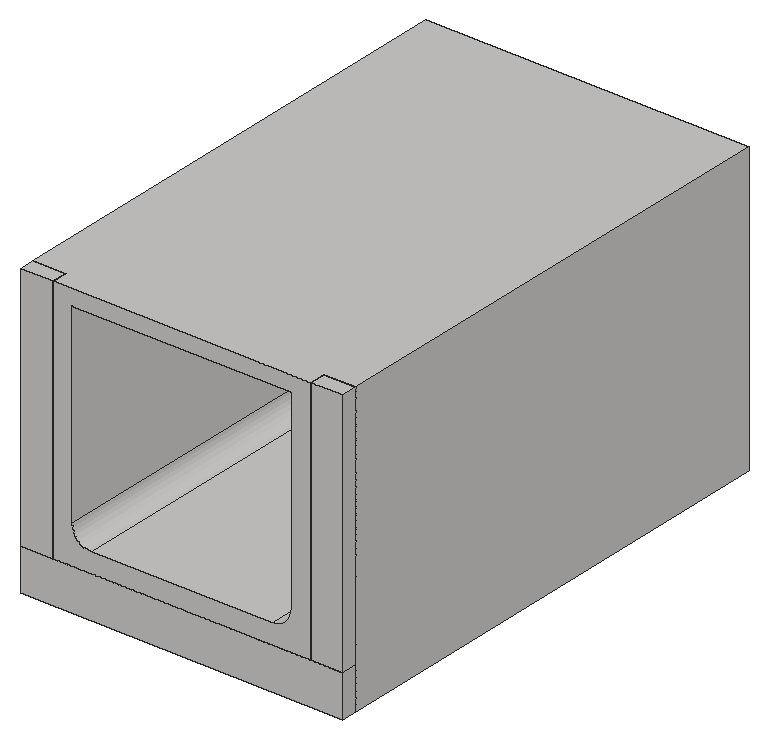
Revit family "QF_ELECTROLUXPROFESSIONAL_588577_MB1BCAEOOO", category Attrezzature speciali, Revit 2020
Family settings
  Quota connettore circolare = Usa diametro
  Tipo di parte = Normale
  Basato su piano di lavoro = No
  Sempre verticale = Sì
  Taglio con vuoti quando caricato = No
  Condiviso = No
  Punto di calcolo locali = No
Parameters (values of type "Standard")
  Weight = 18.00 kg
  Watts = 0 W
  Volts = 0 V
  URL Manufacturer = "https://www.electroluxprofessional.com/"
  URL = "https://www.electroluxprofessional.com/"
  Steam Supply Size = 0"
  Steam Supply Minimum Pressure = 0.00 psi
  Steam Supply Maximum Pressure = 0.00 psi
  Steam Consumption per Hour = 0
  Refrigeration Suction Line Size = 0 mm
  Refrigeration Liquid Line Size = 0 mm
  Refrigerant Compressor Remote = yes
  Prospetto di default = 0 mm
  Phase = 0
  Modello = "MB1BCAEOOO"
  Produttore = "Electrolux Professional"
  Length Actual = 500 mm  # constant formula
  Item Number = "588577"
  Hot Water Size = 0"
  Height Actual = 450 mm  # constant formula
  HP = "0 HP"
  Gas Size = 0"
  Gas KW = 0
  Gas Input Pressure = 0.0 Btu/h
  Direct Waste Size = 0"
  Descrizione = "OPEN BASE,GN,1-SIDE,H2-500X850X450H"
  Depth Actual = 850 mm  # constant formula
  Cycle = 0 Hz
  Condensate Return Size = 0"
  Compressed Air Volume = 0 GPM
  Compressed Air Size = 0"
  Compressed Air Pressure = 0.00 psi
  Cold Water Size = 0"
  Accessory = yes
Reference planes
  plane 1 "BACK": y = 0
  plane 2: z = 0
  plane 3 "LEFT": x = 0
  plane 4 "RIGHT": x = 500
  plane 5 "FRONT": y = -850
  plane 6 "PLAIN": z = 900
  plane 7 "Center (Left/Right)": x = 250
  plane 8 "Center (Front/Back)": y = -425
  plane 9 "TOP": z = 650
  plane 10 "BASE": z = 200
  plane 11: x = 422
  plane 12: x = 78
  plane 13 "Feet_back": y = -150
  plane 14 "Feet_Front": y = -720
  plane 15: x = 50
  plane 16: x = 450
  plane 17: z = 265
  plane 18: y = -45
  plane 19: y = -805
  plane 20: y = -70
  plane 21: y = -830
  plane 22 "ButtonZ": z = 590
Forms (mm)
  Extrusion 1, solid, material "QF_Finishes_Stainless Steel"
    sketch origin (0, 0, 650) x (0, 1, 0) y (0, 0, 1)
      loop
        line (-45, -450) -> (-45, 0) -> (-805, 0) -> (-805, -450) -> (-45, -450)
    from 0 to 500
  Extrusion 2, solid, material "QF_Finishes_Stainless Steel"
    sketch origin (0, 0, 650) x (0, 1, 0) y (0, 0, 1)
      loop
        line (-830, -450) -> (-805, -450) -> (-805, -385) -> (-830, -385) -> (-830, -450)
    from 0 to 500
  Extrusion 3, void
    sketch origin (0, -850, 0) x (1, 0, 0) y (0, 0, 1)
      loop
        line (50, 650) -> (50, 265) -> (450, 265) -> (450, 650) -> (50, 650)
    from 0 to -780
  Extrusion 4, solid, material "QF_Finishes_Stainless Steel"
    sketch origin (0, -850, 0) x (1, 0, 0) y (0, 0, 1)
      loop
        line (80, 650) -> (80, 627) -> (420, 627) -> (420, 650) -> (80, 650)
    from -20 to -805
  Extrusion 5, solid, material "QF_Finishes_Stainless Steel"
    sketch origin (0, -850, 0) x (1, 0, 0) y (0, 0, 1)
      loop
        line (50, 650) -> (50, 265) -> (450, 265) -> (450, 650) -> (420, 650) -> (420, 325)
        arc (420, 325) -> (411.213, 303.787) -> (390, 295) r 30
        line (390, 295) -> (110, 295)
        arc (110, 295) -> (88.787, 303.787) -> (80, 325) r 30
        line (80, 325) -> (80, 650) -> (50, 650)
    from -20 to -780
  Extrusion 6, solid, material "QF_Finishes_Stainless Steel"
    sketch origin (0, -850, 0) x (1, 0, 0) y (0, 0, 1)
      loop
        line (0, 650) -> (0, 265) -> (50, 265) -> (50, 650) -> (0, 650)
    from -20 to -45
  Extrusion 7, solid, material "QF_Finishes_Stainless Steel"
    sketch origin (0, -850, 0) x (1, 0, 0) y (0, 0, 1)
      loop
        line (450, 650) -> (450, 265) -> (500, 265) -> (500, 650) -> (450, 650)
    from -20 to -45
Cuts and joins
  Extrusion 3 cuts Extrusion 1
  joined: Extrusion 1, Extrusion 4, Extrusion 5
Lines and regions (mm)
  symbolic lines, style "SpecialityEquipmentHiddenLines"
    curve 1: line (0, 0, 0) -> (500, 0, 0)
    curve 2: line (0, -850, 0) -> (0, 0, 0)
    curve 3: line (500, -850, 0) -> (0, -850, 0)
    curve 4: line (500, 0, 0) -> (500, -850, 0)
Dimensions and locks
  plane 3 "LEFT" to plane 4 "RIGHT" = 500 mm
  plane 5 "FRONT" to plane 1 "BACK" = 850 mm
  equal spacing: plane 3 "LEFT", plane 7 "Center (Left/Right)", plane 4 "RIGHT"
  equal spacing: plane 5 "FRONT", plane 8 "Center (Front/Back)", plane 1 "BACK"
  plane 6 "PLAIN" to plane 9 "TOP" = 250 mm
  plane 10 "BASE" to level = 200 mm
  plane 9 "TOP" to plane 10 "BASE" = 450 mm
  locked: plane 1 "BACK" to plane 13 "Feet_back" at 150
  locked: plane 14 "Feet_Front" to plane 5 "FRONT" at 130
  locked: plane 12 to plane 3 "LEFT" at 78
  locked: plane 11 to plane 4 "RIGHT" at 78
  plane 16 to plane 15 = 400 mm
  equal spacing: plane 16, plane 7 "Center (Left/Right)", plane 15
  locked: plane 17 to plane 10 "BASE" at 65
  locked: plane 1 "BACK" to plane 18 at 45
  plane 9 "TOP" to Extrusion 4 sketch curve = 23 mm
  locked: Extrusion 4 sketch curve to plane 15 at 30
  locked: plane 16 to Extrusion 4 sketch curve at 30
  locked: Extrusion 5 sketch curve to plane 17 at 30
  plane 6 "PLAIN" to level = 900 mm
  Extrusion 5 to Extrusion 5 = 340 mm
  locked: plane 18 to plane 20 at 25
  locked: plane 21 to plane 5 "FRONT" at 20
  locked: plane 19 to plane 21 at 25
  plane 18 to plane 21 = 785 mm
  plane 22 "ButtonZ" to level = 590 mm
  aligned and locked: level to plane 2
  aligned and locked: Extrusion 1 to plane 4 "RIGHT"
  aligned and locked: Extrusion 1 to plane 3 "LEFT"
  aligned and locked: Extrusion 2 to plane 4 "RIGHT"
  aligned and locked: plane 9 "TOP" to Extrusion 3 sketch curve
  aligned and locked: Extrusion 3 sketch curve to plane 15
  aligned and locked: plane 16 to Extrusion 3 sketch curve
  aligned and locked: Extrusion 2 to plane 10 "BASE"
  aligned and locked: Extrusion 2 to plane 17
  aligned and locked: plane 17 to Extrusion 3 sketch curve
  aligned and locked: Extrusion 4 to plane 18
  aligned and locked: Extrusion 5 sketch curve to plane 15
  aligned and locked: plane 16 to Extrusion 5 sketch curve
  aligned and locked: plane 9 "TOP" to Extrusion 5 sketch curve  (x2)
  aligned and locked: plane 17 to Extrusion 5 sketch curve
  aligned and locked: Extrusion 5 sketch curve to Extrusion 4  (x2)
  aligned and locked: Extrusion 6 sketch curve to plane 9 "TOP"
  aligned and locked: plane 3 "LEFT" to Extrusion 6 sketch curve
  aligned and locked: Extrusion 6 sketch curve to plane 17
  aligned and locked: Extrusion 6 sketch curve to plane 15
  aligned and locked: Extrusion 7 sketch curve to plane 9 "TOP"
  aligned and locked: plane 16 to Extrusion 7 sketch curve
  aligned and locked: Extrusion 7 sketch curve to plane 17
  aligned and locked: plane 4 "RIGHT" to Extrusion 7 sketch curve
  aligned and locked: Extrusion 5 to plane 20
  aligned and locked: cut or joined group of Extrusion 1, Extrusion 3, Extrusion 4, Extrusion 5 to plane 20
  aligned and locked: cut or joined group of Extrusion 1, Extrusion 3, Extrusion 4, Extrusion 5 to plane 18
  aligned and locked: Extrusion 6 to plane 19
  aligned and locked: plane 21 to Extrusion 6
  aligned and locked: plane 21 to Extrusion 5
  aligned and locked: plane 21 to Extrusion 7
  aligned and locked: Extrusion 7 to plane 19
  aligned and locked: Extrusion 2 to plane 19
  aligned and locked: plane 21 to Extrusion 2
  aligned and locked: plane 21 to cut or joined group of Extrusion 1, Extrusion 3, Extrusion 4, Extrusion 5
Automatic sketch dimensions
  Extrusion 1 sketch curve to plane 10 "BASE" = 0 mm
  Extrusion 1 sketch curve to plane 9 "TOP" = 0 mm
  plane 1 "BACK" to Extrusion 1 sketch curve = 45 mm
  Extrusion 1 sketch curve to plane 5 "FRONT" = 45 mm
  Extrusion 2 sketch curve to plane 5 "FRONT" = 20 mm
  Extrusion 2 sketch curve to plane 9 "TOP" = 385 mm
  plane 10 "BASE" to Extrusion 2 sketch curve = 0 mm
  Extrusion 2 sketch curve to plane 5 "FRONT" = 45 mm
  Extrusion 4 sketch curve to plane 9 "TOP" = 0 mm
  Extrusion 5 sketch curve to Extrusion 5 sketch curve = 30 mm  (x2)
  curve 3 to plane 3 "LEFT" = 0 mm
  curve 3 to plane 4 "RIGHT" = 0 mm
  plane 5 "FRONT" to curve 3 = 0 mm
  plane 1 "BACK" to curve 2 = 0 mm
